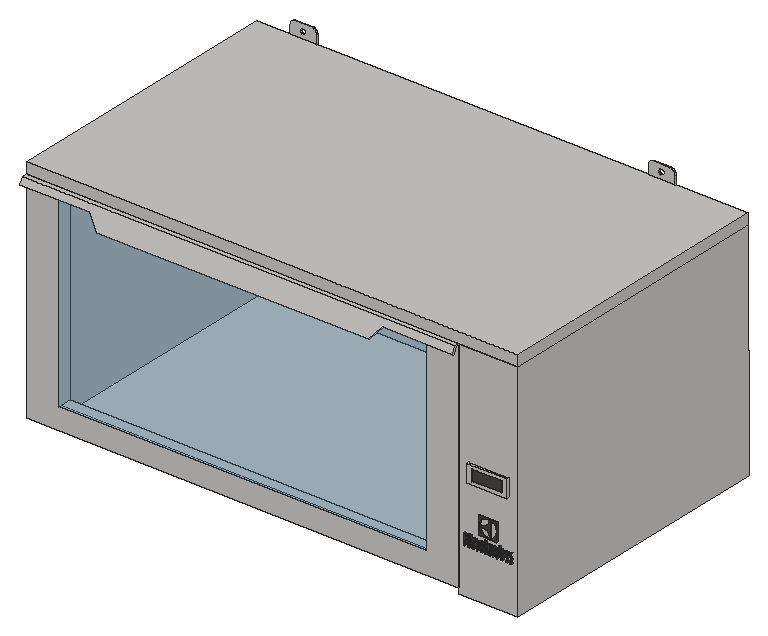
Revit family "QF_ELECTROLUXPROFESSIONAL_240027_SAFEBOXPZ", category Specialty Equipment, Revit 2018
Family settings
  Round Connector Dimension = Use Diameter
  Part Type = Normal
  Work Plane-Based = No
  Always vertical = Yes
  Cut with Voids When Loaded = No
  Shared = No
  Room Calculation Point = No
Parameters
  Weight = 36.00 kg
  Watts = 0 W
  Volts = 0 V
  URL Manufacturer = ""
  URL = ""
  Steam Supply Size = 0 mm
  Steam Supply Minimum Pressure = 0.0 Pa
  Steam Supply Maximum Pressure = 0.0 Pa
  Steam Pounds per Hour = 0
  Refrigeration Suction Line Size = 0 mm
  Refrigeration Liquid Line Size = 0 mm
  Refrigerant Compressor Remote = yes
  Manufacturer = ""
  Phase = 0
  Model = ""
  Length Actual = 920.0 mm  # constant formula
  Item Number = ""
  Hot Water Size = 0 mm
  Height Actual = 450.0 mm  # constant formula
  HP = "0.8 HP"
  Gas Size = 0 mm
  Gas KW = 0
  Gas Input Pressure = 0 W
  Direct Waste Size = 0 mm
  Description = ""
  Depth Actual = 590.0 mm  # constant formula
  Cycle = 0 Hz
  Condensate Return Size = 0 mm
  Compressed Air Volume = 0.0 L/s
  Compressed Air Size = 0 mm
  Compressed Air Pressure = 0.0 Pa
  Cold Water Size = 0 mm
  Accessory = yes
Types (2, lengths in mm): name | Volts | URL Manufacturer | URL | Manufacturer | Phase | Model | Item Number | Description | Cycle
  (no name) | 0 V | "" | "" | "" | 0 | "" | "" | "" | 0 Hz
  Standard | 220 V | "http://professional.electrolux.com" | "http://professional.electrolux.com" | "Electrolux Professional" | 1 | "SAFEBOXPZ" | "240027" | "SAFEBOX HOLD WARMING CONTAINER WITH DROP-DOWN DOOR FOR FOOD PICK UP, TAKE AWAY AND DELIVERY" | 50 Hz
Reference planes
  plane 1 "Center (Front/Back)": y = 0
  plane 2: z = 0
  plane 3 "Center (Left/Right)": x = 0
  plane 4 "LEFT": x = -460
  plane 5 "RIGHT": x = 460
  plane 6 "BACK": y = 270
  plane 7 "FRONT": y = -270
  plane 8 "Base": z = 11
  plane 9 "TOP": z = 451
  plane 10: x = -430
  plane 11: y = 250
  plane 12: y = -220
  plane 13: x = 360
  plane 14 "MANIGLIA": through (4267.2, -280, 431) normal (0, 0.9272, -0.3746)
  plane 15: y = -655
Forms (mm)
  Extrusion 1, solid, material "QF_Finishes_Stainless Steel"
    sketch origin (0, 0, 11) x (0, 1, 0) y (-1, 0, 0)
      loop
        line (270, 460) -> (-245, 460) -> (-245, 425) -> (250, 425) -> (250, -350) -> (-270, -350) -> (-270, -460) -> (270, -460) -> (270, 460)
    from 0 to 420
  Extrusion 2, solid, material "QF_Finishes_Stainless Steel"
    sketch origin (0, 0, 451) x (0, 1, 0) y (-1, 0, 0)
      loop
        line (270, 460) -> (-270, 460) -> (-270, -460) -> (270, -460) -> (270, 460)
    from 0 to -20
  Extrusion 3, void
    sketch origin (0, -270, 0) x (-1, 0, 0) y (0, 0, 1)
      loop
        line (140.985, 386.837) -> (-115, 386.837) -> (-115, 166) -> (140.985, 166) -> (140.985, 386.837)
    from 520 to 540
  Extrusion 4, solid, material "QF_Finishes_Stainless Steel"
    sketch origin (460, 0, 0) x (0, 1, 0) y (0, 0, 1)
      loop
        line (250, 386.837) -> (250, 166) -> (320, 166) -> (320, 386.837) -> (250, 386.837)
    from -600.985 to -345
  Extrusion 5, solid, material "QF_Finishes_Stainless Steel"
    sketch origin (0, 270, 0) x (-1, 0, 0) y (0, 0, 1)
      loop
        line (260.985, 386.837) -> (-235, 386.837) -> (-235, 76) -> (260.985, 76) -> (260.985, 386.837)
    from 0 to -60
  Extrusion 6, solid, material "QF_Finishes_Stainless Steel"
    sketch origin (0, 0, 451) x (0, 1, 0) y (-1, 0, 0)
      loop
        line (270, 425) -> (-245, 425) -> (-245, -350) -> (270, -350) -> (270, 425)
    from -430 to -440
  Extrusion 7, solid, material "QF_Finishes_Stainless Steel"
    sketch origin (0, -270, 0) x (-1, 0, 0) y (0, 0, 1)
      loop
        line (-368.864, 238.032) -> (-443.864, 238.032) -> (-443.864, 206) -> (-368.864, 206) -> (-368.864, 238.032)
      loop
        line (-378.864, 233.032) -> (-433.864, 233.032) -> (-433.864, 211) -> (-378.864, 211) -> (-378.864, 233.032)
    from 0 to -5
  Extrusion 8, solid, material "QF_Finishes_Black"
    sketch origin (0, -270, 0) x (-1, 0, 0) y (0, 0, 1)
      loop
        line (-378.864, 233.032) -> (-433.864, 233.032) -> (-433.864, 211) -> (-378.864, 211) -> (-378.864, 233.032)
    from 0 to -5
  Extrusion 9, solid, material "QF_Finishes_Stainless Steel"
    sketch origin (0, 270, 0) x (-1, 0, 0) y (0, 0, 1)
      loop
        circle (-420, 40) r 10
    from 0 to 2
  Extrusion 10, solid, material "QF_Finishes_Rubber Black"
    sketch origin (0, 0, 0) x (1, 0, 0) y (0, 1, 0)
      loop
        circle (-430, 250) r 15
      loop
        circle (360, 250) r 15
      loop
        circle (-430, -220) r 15
      loop
        circle (360, -220) r 15
    from 0 to 7
  Extrusion 11, solid, material "QF_Finishes_Stainless Steel"
    sketch origin (0, 0, 0) x (1, 0, 0) y (0, 1, 0)
      loop
        circle (-430, 250) r 12.5
      loop
        circle (360, 250) r 12.5
      loop
        circle (-430, -220) r 12.5
      loop
        circle (360, -220) r 12.5
    from 11 to 7
  Extrusion 12, solid, material "QF_Finishes_Black"
    sketch origin (0, -270, 0) x (-1, 0, 0) y (0, 0, 1)
      loop
        line (-365.303, 106.172) -> (-369.867, 106.172) -> (-369.867, 103.843) -> (-365.283, 103.843) -> (-364.31, 103.912)
        spline (-364.31, 103.912) -> (-363.72, 104.027) -> (-363.188, 104.196) -> (-362.713, 104.417) -> (-362.293, 104.688) -> (-361.928, 105.008) -> (-361.615, 105.374) -> (-361.354, 105.784) -> (-361.143, 106.237) -> (-360.981, 106.73) -> (-360.867, 107.261) -> (-360.8, 107.829) -> (-360.778, 108.432)
        line (-360.778, 108.432) -> (-360.778, 118.232) -> (-369.694, 118.232) -> (-369.694, 115.901) -> (-363.255, 115.901) -> (-363.255, 112.497) -> (-369.309, 112.497) -> (-369.309, 110.16) -> (-363.256, 110.16) -> (-363.256, 108.326)
        spline (-363.256, 108.326) -> (-363.281, 107.913) -> (-363.353, 107.553) -> (-363.465, 107.245) -> (-363.612, 106.983) -> (-363.787, 106.765) -> (-363.984, 106.587) -> (-364.198, 106.446) -> (-364.423, 106.338) -> (-364.651, 106.26) -> (-364.878, 106.209) -> (-365.097, 106.18) -> (-365.303, 106.172)
      loop
        line (-371.627, 111.433) -> (-371.627, 118.236) -> (-374.105, 118.236) -> (-374.105, 103.839) -> (-371.627, 103.839) -> (-371.627, 111.433)
      loop
        line (-386.378, 109.309) -> (-386.336, 108.438) -> (-378.204, 108.438)
        spline (-378.204, 108.438) -> (-378.248, 108.035) -> (-378.338, 107.658) -> (-378.472, 107.309) -> (-378.648, 106.99) -> (-378.864, 106.701) -> (-379.119, 106.446) -> (-379.411, 106.225) -> (-379.737, 106.04) -> (-380.097, 105.893) -> (-380.488, 105.786) -> (-380.909, 105.721) -> (-381.357, 105.699)
        spline (-381.357, 105.699) -> (-381.663, 105.707) -> (-381.951, 105.733) -> (-382.221, 105.776) -> (-382.476, 105.836) -> (-382.717, 105.912) -> (-382.947, 106.005) -> (-383.167, 106.114) -> (-383.378, 106.24) -> (-383.583, 106.382) -> (-383.784, 106.539) -> (-383.982, 106.713) -> (-384.179, 106.902)
        line (-384.179, 106.902) -> (-385.672, 105.45)
        spline (-385.672, 105.45) -> (-385.333, 105.112) -> (-384.988, 104.814) -> (-384.638, 104.554) -> (-384.283, 104.329) -> (-383.923, 104.138) -> (-383.559, 103.979) -> (-383.19, 103.85) -> (-382.816, 103.748) -> (-382.437, 103.673) -> (-382.054, 103.621) -> (-381.666, 103.592) -> (-381.274, 103.583)
        spline (-381.274, 103.583) -> (-380.471, 103.626) -> (-379.714, 103.756) -> (-379.009, 103.967) -> (-378.359, 104.258) -> (-377.77, 104.624) -> (-377.245, 105.062) -> (-376.789, 105.568) -> (-376.406, 106.141) -> (-376.1, 106.775) -> (-375.877, 107.468) -> (-375.739, 108.217) -> (-375.693, 109.018)
        spline (-375.693, 109.018) -> (-375.741, 109.838) -> (-375.882, 110.605) -> (-376.111, 111.315) -> (-376.422, 111.965) -> (-376.81, 112.55) -> (-377.268, 113.068) -> (-377.793, 113.516) -> (-378.378, 113.889) -> (-379.018, 114.186) -> (-379.707, 114.402) -> (-380.44, 114.534) -> (-381.212, 114.579)
        spline (-381.212, 114.579) -> (-381.967, 114.531) -> (-382.675, 114.391) -> (-383.332, 114.167) -> (-383.934, 113.862) -> (-384.479, 113.485) -> (-384.962, 113.041) -> (-385.38, 112.535) -> (-385.73, 111.975) -> (-386.008, 111.366) -> (-386.211, 110.715) -> (-386.336, 110.027) -> (-386.378, 109.309)
      loop
        line (-383.847, 110.18) -> (-378.266, 110.18)
        spline (-378.266, 110.18) -> (-378.316, 110.491) -> (-378.412, 110.789) -> (-378.551, 111.071) -> (-378.73, 111.334) -> (-378.945, 111.577) -> (-379.194, 111.796) -> (-379.473, 111.988) -> (-379.78, 112.152) -> (-380.11, 112.284) -> (-380.461, 112.381) -> (-380.829, 112.442) -> (-381.212, 112.462)
        spline (-381.212, 112.462) -> (-381.569, 112.441) -> (-381.911, 112.38) -> (-382.236, 112.281) -> (-382.54, 112.147) -> (-382.821, 111.982) -> (-383.074, 111.788) -> (-383.297, 111.568) -> (-383.486, 111.325) -> (-383.639, 111.062) -> (-383.752, 110.781) -> (-383.823, 110.487) -> (-383.847, 110.18)
      loop
        spline (-390.126, 109.081) -> (-390.155, 108.619) -> (-390.238, 108.182) -> (-390.372, 107.772) -> (-390.554, 107.392) -> (-390.781, 107.044) -> (-391.05, 106.734) -> (-391.356, 106.462) -> (-391.697, 106.233) -> (-392.069, 106.049) -> (-392.47, 105.914) -> (-392.895, 105.831) -> (-393.342, 105.803)
        spline (-393.342, 105.803) -> (-393.616, 105.811) -> (-393.879, 105.837) -> (-394.131, 105.879) -> (-394.372, 105.937) -> (-394.603, 106.011) -> (-394.826, 106.101) -> (-395.039, 106.206) -> (-395.245, 106.325) -> (-395.443, 106.459) -> (-395.634, 106.607) -> (-395.819, 106.769) -> (-395.998, 106.944)
        line (-395.998, 106.944) -> (-397.533, 105.346)
        spline (-397.533, 105.346) -> (-397.228, 105.04) -> (-396.913, 104.766) -> (-396.589, 104.521) -> (-396.258, 104.306) -> (-395.918, 104.12) -> (-395.57, 103.961) -> (-395.215, 103.829) -> (-394.853, 103.723) -> (-394.484, 103.642) -> (-394.109, 103.585) -> (-393.729, 103.552) -> (-393.342, 103.541)
        spline (-393.342, 103.541) -> (-392.568, 103.589) -> (-391.826, 103.729) -> (-391.124, 103.957) -> (-390.467, 104.267) -> (-389.863, 104.654) -> (-389.317, 105.113) -> (-388.838, 105.638) -> (-388.431, 106.224) -> (-388.102, 106.867) -> (-387.86, 107.561) -> (-387.709, 108.3) -> (-387.658, 109.081)
        spline (-387.658, 109.081) -> (-387.709, 109.861) -> (-387.86, 110.6) -> (-388.102, 111.294) -> (-388.431, 111.937) -> (-388.838, 112.523) -> (-389.317, 113.049) -> (-389.863, 113.507) -> (-390.467, 113.894) -> (-391.124, 114.204) -> (-391.826, 114.432) -> (-392.568, 114.572) -> (-393.342, 114.62)
        spline (-393.342, 114.62) -> (-393.729, 114.609) -> (-394.109, 114.576) -> (-394.484, 114.519) -> (-394.853, 114.438) -> (-395.215, 114.332) -> (-395.57, 114.2) -> (-395.918, 114.041) -> (-396.258, 113.855) -> (-396.589, 113.64) -> (-396.913, 113.395) -> (-397.228, 113.121) -> (-397.533, 112.815)
        line (-397.533, 112.815) -> (-395.998, 111.217)
        spline (-395.998, 111.217) -> (-395.819, 111.392) -> (-395.634, 111.554) -> (-395.443, 111.702) -> (-395.245, 111.836) -> (-395.039, 111.956) -> (-394.826, 112.06) -> (-394.603, 112.15) -> (-394.372, 112.224) -> (-394.131, 112.282) -> (-393.879, 112.324) -> (-393.616, 112.35) -> (-393.342, 112.359)
        spline (-393.342, 112.359) -> (-392.895, 112.33) -> (-392.47, 112.247) -> (-392.069, 112.112) -> (-391.697, 111.928) -> (-391.356, 111.699) -> (-391.05, 111.427) -> (-390.781, 111.117) -> (-390.554, 110.769) -> (-390.372, 110.389) -> (-390.238, 109.979) -> (-390.155, 109.542) -> (-390.126, 109.081)
      loop
        line (-403.852, 106.168) -> (-403.843, 103.839) -> (-402.797, 103.887)
        spline (-402.797, 103.887) -> (-402.209, 103.986) -> (-401.675, 104.138) -> (-401.195, 104.342) -> (-400.766, 104.596) -> (-400.389, 104.897) -> (-400.061, 105.244) -> (-399.782, 105.635) -> (-399.55, 106.068) -> (-399.365, 106.542) -> (-399.225, 107.053) -> (-399.129, 107.602) -> (-399.076, 108.185)
        line (-399.076, 108.185) -> (-399.076, 118.236) -> (-401.555, 118.236) -> (-401.555, 114.25) -> (-403.806, 114.25) -> (-403.806, 111.998) -> (-401.551, 111.998) -> (-401.551, 108.326)
        spline (-401.551, 108.326) -> (-401.603, 107.889) -> (-401.701, 107.513) -> (-401.839, 107.193) -> (-402.01, 106.924) -> (-402.209, 106.704) -> (-402.429, 106.527) -> (-402.664, 106.391) -> (-402.909, 106.29) -> (-403.156, 106.222) -> (-403.399, 106.181) -> (-403.634, 106.165) -> (-403.852, 106.168)
      loop
        line (-412.191, 114.394) -> (-412.191, 111.998) -> (-411.158, 112.101)
        spline (-411.158, 112.101) -> (-410.743, 112.079) -> (-410.355, 112.014) -> (-409.996, 111.907) -> (-409.668, 111.759) -> (-409.372, 111.573) -> (-409.111, 111.35) -> (-408.885, 111.091) -> (-408.697, 110.798) -> (-408.547, 110.472) -> (-408.438, 110.115) -> (-408.372, 109.728) -> (-408.349, 109.313)
        line (-408.349, 109.313) -> (-408.349, 103.839) -> (-405.891, 103.839) -> (-405.891, 114.249) -> (-408.349, 114.249) -> (-408.349, 112.701)
        spline (-408.349, 112.701) -> (-408.54, 112.99) -> (-408.758, 113.255) -> (-409.003, 113.497) -> (-409.272, 113.712) -> (-409.565, 113.902) -> (-409.881, 114.063) -> (-410.218, 114.196) -> (-410.576, 114.3) -> (-410.954, 114.372) -> (-411.349, 114.413) -> (-411.762, 114.421) -> (-412.191, 114.394)
      loop
        spline (-423.931, 109.044) -> (-423.879, 108.281) -> (-423.728, 107.553) -> (-423.485, 106.867) -> (-423.156, 106.229) -> (-422.748, 105.644) -> (-422.268, 105.118) -> (-421.723, 104.657) -> (-421.119, 104.266) -> (-420.463, 103.953) -> (-419.762, 103.721) -> (-419.022, 103.578) -> (-418.251, 103.529)
        spline (-418.251, 103.529) -> (-417.475, 103.578) -> (-416.733, 103.721) -> (-416.03, 103.953) -> (-415.374, 104.266) -> (-414.77, 104.657) -> (-414.225, 105.118) -> (-413.747, 105.644) -> (-413.341, 106.229) -> (-413.013, 106.867) -> (-412.772, 107.553) -> (-412.622, 108.281) -> (-412.57, 109.044)
        spline (-412.57, 109.044) -> (-412.622, 109.808) -> (-412.772, 110.536) -> (-413.013, 111.222) -> (-413.341, 111.86) -> (-413.747, 112.445) -> (-414.225, 112.971) -> (-414.77, 113.432) -> (-415.374, 113.822) -> (-416.03, 114.136) -> (-416.733, 114.367) -> (-417.475, 114.51) -> (-418.251, 114.559)
        spline (-418.251, 114.559) -> (-419.022, 114.51) -> (-419.762, 114.367) -> (-420.463, 114.136) -> (-421.119, 113.822) -> (-421.723, 113.432) -> (-422.268, 112.971) -> (-422.748, 112.445) -> (-423.156, 111.86) -> (-423.485, 111.222) -> (-423.728, 110.536) -> (-423.879, 109.808) -> (-423.931, 109.044)
      loop
        spline (-421.473, 109.044) -> (-421.444, 108.594) -> (-421.36, 108.164) -> (-421.225, 107.759) -> (-421.041, 107.381) -> (-420.813, 107.035) -> (-420.543, 106.723) -> (-420.236, 106.45) -> (-419.894, 106.218) -> (-419.521, 106.032) -> (-419.121, 105.895) -> (-418.696, 105.81) -> (-418.251, 105.78)
        spline (-418.251, 105.78) -> (-417.801, 105.81) -> (-417.374, 105.895) -> (-416.972, 106.032) -> (-416.599, 106.218) -> (-416.257, 106.45) -> (-415.951, 106.723) -> (-415.683, 107.035) -> (-415.456, 107.381) -> (-415.274, 107.759) -> (-415.14, 108.164) -> (-415.058, 108.594) -> (-415.029, 109.044)
        spline (-415.029, 109.044) -> (-415.058, 109.495) -> (-415.14, 109.924) -> (-415.274, 110.33) -> (-415.456, 110.708) -> (-415.683, 111.054) -> (-415.951, 111.366) -> (-416.257, 111.639) -> (-416.599, 111.87) -> (-416.972, 112.056) -> (-417.374, 112.194) -> (-417.801, 112.279) -> (-418.251, 112.308)
        spline (-418.251, 112.308) -> (-418.696, 112.279) -> (-419.121, 112.194) -> (-419.521, 112.056) -> (-419.894, 111.87) -> (-420.236, 111.639) -> (-420.543, 111.366) -> (-420.813, 111.054) -> (-421.041, 110.708) -> (-421.225, 110.33) -> (-421.36, 109.924) -> (-421.444, 109.495) -> (-421.473, 109.044)
      loop
        line (-425.455, 111.681) -> (-425.455, 118.236) -> (-427.935, 118.236) -> (-427.935, 103.839) -> (-425.455, 103.839) -> (-425.455, 111.681)
      loop
        line (-436.874, 114.249) -> (-439.372, 114.249) -> (-439.372, 108.032)
        spline (-439.372, 108.032) -> (-439.327, 107.311) -> (-439.198, 106.654) -> (-438.989, 106.062) -> (-438.708, 105.535) -> (-438.361, 105.071) -> (-437.952, 104.67) -> (-437.49, 104.332) -> (-436.98, 104.057) -> (-436.428, 103.843) -> (-435.84, 103.691) -> (-435.222, 103.601) -> (-434.581, 103.57)
        spline (-434.581, 103.57) -> (-433.945, 103.6) -> (-433.332, 103.69) -> (-432.749, 103.839) -> (-432.202, 104.05) -> (-431.696, 104.322) -> (-431.237, 104.655) -> (-430.833, 105.05) -> (-430.488, 105.507) -> (-430.209, 106.028) -> (-430.003, 106.611) -> (-429.874, 107.259) -> (-429.83, 107.97)
        line (-429.83, 107.97) -> (-429.83, 114.249) -> (-432.33, 114.249) -> (-432.33, 108.176)
        spline (-432.33, 108.176) -> (-432.349, 107.788) -> (-432.407, 107.437) -> (-432.502, 107.124) -> (-432.629, 106.847) -> (-432.789, 106.605) -> (-432.977, 106.398) -> (-433.193, 106.225) -> (-433.434, 106.085) -> (-433.697, 105.978) -> (-433.981, 105.902) -> (-434.283, 105.857) -> (-434.601, 105.843)
        spline (-434.601, 105.843) -> (-434.919, 105.857) -> (-435.222, 105.902) -> (-435.506, 105.978) -> (-435.769, 106.086) -> (-436.01, 106.227) -> (-436.226, 106.401) -> (-436.414, 106.609) -> (-436.574, 106.853) -> (-436.702, 107.133) -> (-436.796, 107.45) -> (-436.854, 107.804) -> (-436.874, 108.198)
        line (-436.874, 108.198) -> (-436.874, 114.249)
      loop
        line (-448.75, 107.168) -> (-451.132, 103.839) -> (-448.467, 103.839) -> (-445.823, 107.516) -> (-443.179, 103.839) -> (-440.515, 103.839) -> (-442.307, 106.335) -> (-444.46, 109.334) -> (-442.406, 112.143) -> (-440.866, 114.249) -> (-443.551, 114.249) -> (-445.823, 111.13) -> (-448.075, 114.249) -> (-450.781, 114.249) -> (-449.123, 111.991) -> (-447.187, 109.354) -> (-448.75, 107.168)
      loop
        arc (-362.172, 101.574) -> (-363.817, 99.929) -> (-362.172, 98.284) r 1.645
        line (-362.172, 98.284) -> (-361.277, 98.284) -> (-361.277, 96.598) -> (-360.254, 96.598) -> (-360.254, 101.574) -> (-362.172, 101.574)
      loop
        arc (-362.13, 100.634) -> (-362.835, 99.929) -> (-362.13, 99.225) r 0.704
        line (-362.13, 99.225) -> (-361.277, 99.225) -> (-361.277, 100.634) -> (-362.13, 100.634)
      loop
        arc (-369.98, 101.574) -> (-371.128, 101.107) -> (-371.622, 99.97) r 1.643
        arc (-371.622, 99.97) -> (-371.405, 99.145) -> (-370.78, 98.564) r 1.536
        line (-370.78, 98.564) -> (-371.975, 96.598) -> (-370.813, 96.598) -> (-369.832, 98.23) -> (-369.051, 98.312) -> (-369.051, 96.598) -> (-368.028, 96.598) -> (-368.028, 101.574) -> (-369.98, 101.574)
      loop
        line (-369.891, 99.245) -> (-369.051, 99.245) -> (-369.051, 100.634) -> (-369.959, 100.634)
        arc (-369.959, 100.634) -> (-370.586, 99.907) -> (-369.891, 99.245) r 0.696
      loop
        circle (-378.328, 99.086) r 2.585
      loop
        circle (-378.328, 99.086) r 1.64
      loop
        line (-385.193, 101.574) -> (-388.269, 101.574) -> (-388.269, 100.634) -> (-386.217, 100.634) -> (-386.217, 99.584) -> (-388.089, 99.584) -> (-388.089, 98.644) -> (-386.217, 98.644) -> (-386.217, 96.598) -> (-385.193, 96.598) -> (-385.193, 101.574)
      loop
        line (-392.491, 101.574) -> (-395.642, 101.574) -> (-395.642, 100.634) -> (-393.514, 100.634) -> (-393.514, 99.769) -> (-395.504, 99.769) -> (-395.504, 98.987) -> (-393.514, 98.987) -> (-393.514, 98.16)
        arc (-393.514, 98.16) -> (-393.741, 97.612) -> (-394.289, 97.385) r 0.775
        line (-394.289, 97.385) -> (-395.691, 97.385) -> (-395.691, 96.598) -> (-394.083, 96.598)
        arc (-394.083, 96.598) -> (-392.95, 97.072) -> (-392.491, 98.212) r 1.593
        line (-392.491, 98.212) -> (-392.491, 101.574)
      loop
        arc (-402.384, 100.269) -> (-401.963, 100.602) -> (-401.439, 100.718) r 1.197
        arc (-401.439, 100.718) -> (-400.968, 100.342) -> (-401.294, 99.834) r 0.45
        arc (-401.294, 99.834) -> (-401.859, 99.623) -> (-402.409, 99.377) r 9.883
        arc (-402.409, 99.377) -> (-402.845, 99.093) -> (-403.185, 98.7) r 1.876
        arc (-403.185, 98.7) -> (-403.343, 97.847) -> (-403.037, 97.035) r 1.618
        arc (-403.037, 97.035) -> (-402.346, 96.668) -> (-401.579, 96.515) r 2.696
        arc (-401.579, 96.515) -> (-400.959, 96.578) -> (-400.385, 96.823) r 2.063
        arc (-400.385, 96.823) -> (-399.932, 97.214) -> (-399.622, 97.725) r 1.914
        line (-399.622, 97.725) -> (-400.404, 98.216)
        arc (-400.404, 98.216) -> (-400.668, 97.808) -> (-401.089, 97.567) r 1.033
        arc (-401.089, 97.567) -> (-401.662, 97.452) -> (-402.203, 97.672) r 1.016
        arc (-402.203, 97.672) -> (-402.359, 98.025) -> (-402.162, 98.356) r 0.42
        arc (-402.162, 98.356) -> (-401.656, 98.632) -> (-401.122, 98.849) r 5.041
        arc (-401.122, 98.849) -> (-400.544, 99.153) -> (-400.1, 99.632) r 1.928
        arc (-400.1, 99.632) -> (-399.987, 100.071) -> (-399.976, 100.524) r 1.985
        arc (-399.976, 100.524) -> (-400.091, 100.911) -> (-400.349, 101.222) r 1.013
        arc (-400.349, 101.222) -> (-400.896, 101.533) -> (-401.512, 101.657) r 1.974
        arc (-401.512, 101.657) -> (-402.438, 101.438) -> (-403.12, 100.774) r 1.782
        line (-403.12, 100.774) -> (-402.384, 100.269)
      loop
        arc (-409.903, 100.269) -> (-409.482, 100.602) -> (-408.958, 100.718) r 1.197
        arc (-408.958, 100.718) -> (-408.486, 100.342) -> (-408.812, 99.834) r 0.45
        arc (-408.812, 99.834) -> (-409.377, 99.623) -> (-409.928, 99.377) r 9.883
        arc (-409.928, 99.377) -> (-410.363, 99.093) -> (-410.703, 98.7) r 1.876
        arc (-410.703, 98.7) -> (-410.861, 97.847) -> (-410.556, 97.035) r 1.618
        arc (-410.556, 97.035) -> (-409.865, 96.668) -> (-409.097, 96.515) r 2.696
        arc (-409.097, 96.515) -> (-408.477, 96.578) -> (-407.903, 96.823) r 2.063
        arc (-407.903, 96.823) -> (-407.451, 97.214) -> (-407.141, 97.725) r 1.914
        line (-407.141, 97.725) -> (-407.922, 98.216)
        arc (-407.922, 98.216) -> (-408.186, 97.808) -> (-408.607, 97.567) r 1.033
        arc (-408.607, 97.567) -> (-409.18, 97.452) -> (-409.721, 97.672) r 1.016
        arc (-409.721, 97.672) -> (-409.877, 98.025) -> (-409.68, 98.356) r 0.42
        arc (-409.68, 98.356) -> (-409.174, 98.632) -> (-408.64, 98.849) r 5.041
        arc (-408.64, 98.849) -> (-408.062, 99.153) -> (-407.619, 99.632) r 1.928
        arc (-407.619, 99.632) -> (-407.505, 100.071) -> (-407.494, 100.524) r 1.985
        arc (-407.494, 100.524) -> (-407.61, 100.911) -> (-407.868, 101.222) r 1.013
        arc (-407.868, 101.222) -> (-408.414, 101.533) -> (-409.03, 101.657) r 1.974
        arc (-409.03, 101.657) -> (-409.956, 101.438) -> (-410.638, 100.774) r 1.782
        line (-410.638, 100.774) -> (-409.903, 100.269)
      loop
        line (-415.094, 101.574) -> (-416.118, 101.574) -> (-416.118, 96.598) -> (-415.094, 96.598) -> (-415.094, 101.574)
      loop
        circle (-423.017, 99.086) r 1.548
      loop
        circle (-423.017, 99.086) r 2.585
      loop
        line (-429.882, 96.598) -> (-429.882, 101.574) -> (-430.878, 101.574) -> (-433.154, 98.351) -> (-433.154, 101.574) -> (-434.188, 101.574) -> (-434.188, 96.598) -> (-433.193, 96.598) -> (-430.916, 99.727) -> (-430.916, 96.598) -> (-429.882, 96.598)
      loop
        line (-439.347, 96.598) -> (-438.249, 96.598) -> (-440.753, 101.574) -> (-443.258, 96.598) -> (-442.158, 96.598) -> (-441.673, 97.671) -> (-439.832, 97.671) -> (-439.347, 96.598)
      loop
        line (-440.753, 99.714) -> (-441.214, 98.692) -> (-440.291, 98.692) -> (-440.753, 99.714)
      loop
        line (-448.34, 97.539) -> (-450.254, 97.539) -> (-450.254, 96.598) -> (-447.317, 96.598) -> (-447.317, 101.574) -> (-448.34, 101.574) -> (-448.34, 97.539)
      loop
        line (-388.337, 123.178) -> (-388.337, 157.751) -> (-422.957, 157.751) -> (-422.957, 123.178) -> (-388.337, 123.178)
      loop
        arc (-410.269, 156.054) -> (-421.768, 140.5) -> (-410.269, 124.946) r 16.269
        line (-410.269, 124.946) -> (-410.269, 156.054)
      loop
        arc (-408.687, 153.801) -> (-403.858, 145.134) -> (-394.664, 141.402) r 14.944
        line (-394.664, 141.402) -> (-389.517, 141.402)
        arc (-389.517, 141.402) -> (-395.75, 153.113) -> (-408.687, 156.054) r 15.943
        line (-408.687, 156.054) -> (-408.687, 153.801)
      loop
        line (-389.517, 139.598) -> (-394.664, 139.598)
        arc (-394.664, 139.598) -> (-403.858, 135.866) -> (-408.687, 127.199) r 14.944
        line (-408.687, 127.199) -> (-408.687, 124.547)
        arc (-408.687, 124.547) -> (-395.74, 127.79) -> (-389.517, 139.598) r 16.36
    from 0 to -1.6
  Extrusion 13, solid, material "QF_Finishes_Stainless Steel"
    sketch origin (0, 270, 0) x (-1, 0, 0) y (0, 0, 1)
      loop
        line (398.117, 431) -> (398.117, 466)
        arc (398.117, 466) -> (395.188, 473.071) -> (388.117, 476) r 10
        line (388.117, 476) -> (358.117, 476)
        arc (358.117, 476) -> (351.046, 473.071) -> (348.117, 466) r 10
        line (348.117, 466) -> (348.117, 431) -> (398.117, 431)
      loop
        circle (373.117, 463.03) r 5
      loop
        line (-323.117, 431) -> (-273.117, 431) -> (-273.117, 466)
        arc (-273.117, 466) -> (-276.046, 473.071) -> (-283.117, 476) r 10
        line (-283.117, 476) -> (-313.117, 476)
        arc (-313.117, 476) -> (-320.188, 473.071) -> (-323.117, 466) r 10
        line (-323.117, 466) -> (-323.117, 431)
      loop
        circle (-298.117, 463.03) r 5
    from 1.641 to 0
  Extrusion 14, solid, material "QF_Finishes_Stainless Steel"
    sketch origin (0, -270, 0) x (-1, 0, 0) y (0, 0, 1)
      loop
        line (460, 431) -> (-350, 431) -> (-350, 21) -> (460, 21) -> (460, 431)
      loop
        line (400, 61) -> (400, 411) -> (-290, 411) -> (-290, 61) -> (400, 61)
    from 25 to 0
  Extrusion 15, solid, material "Glass"
    sketch origin (0, -270, 0) x (-1, 0, 0) y (0, 0, 1)
      loop
        line (400, 411) -> (-290, 411) -> (-290, 61) -> (400, 61) -> (400, 411)
    from 5 to 0
  Extrusion 16, solid, material "QF_Finishes_Stainless Steel"
    sketch origin (0, 0, 0) x (0, 1, 0) y (0, 0, 1)
      loop
        line (-270, 431) -> (-280, 431) -> (-294.122, 396.047) -> (-291.382, 394.94) -> (-278.042, 427.958) -> (-270, 427.958) -> (-270, 431)
    from 350 to -460
  Extrusion 17, void
    sketch origin (0, -390.406, 157.734) x (0, 0.374607, 0.927184) y (1, 0, 0)
      loop
        line (257.028, -460) -> (281.726, -460) -> (281.726, -329.655) -> (257.028, -310) -> (257.028, -460)
      loop
        line (257.028, 350) -> (257.028, 200) -> (281.726, 219.655) -> (281.726, 350) -> (257.028, 350)
    from 2.955 to 0
  Extrusion 18, solid, material "QF_Door-Drawer Clearances", detail levels coarse
    sketch origin (0, 0, 0) x (0, 1, 0) y (0, 0, 1)
      loop
        line (-270, 60.122) -> (-655, 60.122) -> (-655, 25.122) -> (-620.047, 11) -> (-618.94, 13.74) -> (-651.958, 27.08) -> (-651.958, 35.122) -> (-270, 35.122) -> (-270, 60.122)
    from 350 to -460
  Extrusion 19, solid, material "QF_Door-Drawer Clearances", detail levels coarse
    sketch origin (0, 0, 0) x (0, 1, 0) y (0, 0, 1)
      loop
        arc (-270, 431) -> (-534.358, 320.156) -> (-655, 60.122) r 396.675
        line (-655, 60.122) -> (-270, 60.122) -> (-270, 431)
    from -460 to 350
Cuts and joins
  Extrusion 3 cuts Extrusion 1
  Extrusion 17 cuts Extrusion 16
Lines and regions (mm)
  symbolic lines
    curve 1: line (-460, 270, 0) -> (460, 270, 0)
    curve 2: line (-460, -270, 0) -> (-460, 270, 0)
    curve 3: line (460, -270, 0) -> (-460, -270, 0)
    curve 4: line (460, 270, 0) -> (460, -270, 0)
    curve 5: line (115, 320, 0) -> (-140.985, 320, 0)
    curve 6: line (-140.985, 320, 0) -> (-140.985, 270, 0)
    curve 7: line (115, 270, 0) -> (115, 320, 0)
    curve 8: line (368.864, -275, 0) -> (368.864, -270, 0)
    curve 9: line (368.864, -275, 0) -> (443.864, -275, 0)
    curve 10: line (443.864, -275, 0) -> (443.864, -270, 0)
    curve 11: line (-398.117, 270, 0) -> (-398.117, 271.641, 0)
    curve 12: line (-398.117, 271.641, 0) -> (-348.117, 271.641, 0)
    curve 13: line (-348.117, 271.641, 0) -> (-348.117, 270, 0)
    curve 14: line (273.117, 270, 0) -> (273.117, 271.641, 0)
    curve 15: line (273.117, 271.641, 0) -> (323.117, 271.641, 0)
    curve 16: line (323.117, 271.641, 0) -> (323.117, 270, 0)
    curve 17: line (410, 272, 0) -> (430, 272, 0)
    curve 18: line (430, 272, 0) -> (430, 270, 0)
    curve 19: line (410, 272, 0) -> (410, 270, 0)
    curve 20: line (350, -280, 0) -> (-460, -280, 0)
    curve 21: line (-460, -284.87, 0) -> (-329.655, -284.87, 0)
    curve 22: line (-329.655, -284.87, 0) -> (-310, -294.122, 0)
    curve 23: line (-310, -294.122, 0) -> (200, -294.122, 0)
    curve 24: line (-460, -270, 0) -> (-460, -284.87, 0)
    curve 25: line (350, -284.87, 0) -> (350, -270, 0)
    curve 26: line (219.655, -284.87, 0) -> (350, -284.87, 0)
    curve 27: line (200, -294.122, 0) -> (219.655, -284.87, 0)
  symbolic lines, style "SpecialityEquipmentHiddenLines"
    curve 28: line (-460, -284.87, 0) -> (-460, -655, 0)
    curve 29: line (-460, -655, 0) -> (350, -655, 0)
    curve 30: line (350, -655, 0) -> (350, -284.87, 0)
Dimensions and locks
  plane 4 "LEFT" to plane 5 "RIGHT" = 920.0 mm
  equal spacing: plane 4 "LEFT", plane 3 "Center (Left/Right)", plane 5 "RIGHT"
  equal spacing: plane 6 "BACK", plane 1 "Center (Front/Back)", plane 7 "FRONT"
  plane 6 "BACK" to plane 7 "FRONT" = 540.0 mm  (x2)
  plane 8 "Base" to level = 11.0 mm
  plane 9 "TOP" to level = 451.0 mm
  plane 9 "TOP" to cut or joined group of Extrusion 1, Extrusion 3 = 64.163 mm
  level to cut or joined group of Extrusion 1, Extrusion 3 = 166.0 mm
  plane 4 "LEFT" to plane 10 = 30.0 mm
  plane 13 to plane 5 "RIGHT" = 100.0 mm
  plane 6 "BACK" to plane 11 = 20.0 mm
  plane 12 to plane 7 "FRONT" = 50.0 mm
  Extrusion 4 to Extrusion 2 = 590.0 mm
  Extrusion 4 to plane 15 = 975.0 mm
  aligned and locked: level to plane 2
Automatic sketch dimensions
  Extrusion 2 sketch curve to plane 4 "LEFT" = 0.0 mm
  Extrusion 2 sketch curve to plane 7 "FRONT" = 0.0 mm
  Extrusion 2 sketch curve to plane 6 "BACK" = 0.0 mm
  Extrusion 2 sketch curve to plane 5 "RIGHT" = 0.0 mm
  plane 3 "Center (Left/Right)" to Extrusion 3 sketch curve = 115.0 mm
  Extrusion 3 sketch curve to plane 3 "Center (Left/Right)" = 140.985 mm
  plane 8 "Base" to Extrusion 3 sketch curve = 155.0 mm
  Extrusion 3 sketch curve to plane 9 "TOP" = 64.163 mm
  Extrusion 4 sketch curve to plane 11 = 0.0 mm
  plane 6 "BACK" to Extrusion 4 sketch curve = 50.0 mm
  plane 8 "Base" to Extrusion 4 sketch curve = 155.0 mm
  Extrusion 4 sketch curve to plane 9 "TOP" = 64.163 mm
  Extrusion 5 sketch curve to plane 13 = 125.0 mm
  Extrusion 5 sketch curve to plane 9 "TOP" = 64.163 mm
  plane 10 to Extrusion 5 sketch curve = 169.015 mm
  plane 8 "Base" to Extrusion 5 sketch curve = 65.0 mm
  plane 7 "FRONT" to Extrusion 6 sketch curve = 25.0 mm
  Extrusion 6 sketch curve to plane 6 "BACK" = 0.0 mm
  Extrusion 6 sketch curve to plane 13 = 10.0 mm
  plane 10 to Extrusion 6 sketch curve = 5.0 mm
  Extrusion 7 sketch curve to plane 5 "RIGHT" = 16.136 mm
  Extrusion 7 sketch curve to Extrusion 7 sketch curve = 10.0 mm
  plane 13 to Extrusion 7 sketch curve = 18.864 mm
  plane 13 to Extrusion 7 sketch curve = 8.864 mm
  plane 8 "Base" to Extrusion 7 sketch curve = 195.0 mm
  Extrusion 7 sketch curve to Extrusion 7 sketch curve = 5.0 mm  (x2)
  Extrusion 7 sketch curve to Extrusion 7 sketch curve = 22.032 mm
  Extrusion 8 sketch curve to plane 5 "RIGHT" = 26.136 mm
  plane 13 to Extrusion 8 sketch curve = 18.864 mm
  plane 8 "Base" to Extrusion 8 sketch curve = 200.0 mm
  Extrusion 8 sketch curve to Extrusion 8 sketch curve = 22.032 mm
  Extrusion 9 sketch curve to plane 5 "RIGHT" = 40.0 mm
  plane 8 "Base" to Extrusion 9 sketch curve = 29.0 mm
  Extrusion 10 sketch curve to plane 10 = 0.0 mm  (x2)
  Extrusion 10 sketch curve to plane 12 = 0.0 mm  (x2)
  Extrusion 10 sketch curve to plane 13 = 0.0 mm  (x2)
  Extrusion 10 sketch curve to plane 11 = 0.0 mm  (x2)
  Extrusion 11 sketch curve to plane 10 = 0.0 mm  (x2)
  Extrusion 11 sketch curve to plane 12 = 0.0 mm  (x2)
  Extrusion 11 sketch curve to plane 13 = 0.0 mm  (x2)
  Extrusion 11 sketch curve to plane 11 = 0.0 mm  (x2)
  Extrusion 12 sketch curve to Extrusion 12 sketch curve = 0.0 mm  (x37)
  Extrusion 12 sketch curve to plane 5 "RIGHT" = 8.868 mm
  Extrusion 12 sketch curve to plane 5 "RIGHT" = 9.219 mm
  Extrusion 12 sketch curve to Extrusion 12 sketch curve = 0.877 mm
  Extrusion 12 sketch curve to Extrusion 12 sketch curve = 1.658 mm
  Extrusion 12 sketch curve to Extrusion 12 sketch curve = 2.381 mm
  Extrusion 12 sketch curve to Extrusion 12 sketch curve = 2.664 mm
  Extrusion 12 sketch curve to Extrusion 12 sketch curve = 1.914 mm
  Extrusion 12 sketch curve to Extrusion 12 sketch curve = 1.048 mm
  Extrusion 12 sketch curve to Extrusion 12 sketch curve = 1.023 mm  (x5)
  Extrusion 12 sketch curve to Extrusion 12 sketch curve = 1.563 mm
  Extrusion 12 sketch curve to Extrusion 12 sketch curve = 1.364 mm  (x2)
  Extrusion 12 sketch curve to Extrusion 12 sketch curve = 1.363 mm
  Extrusion 12 sketch curve to Extrusion 12 sketch curve = 2.272 mm  (x3)
  Extrusion 12 sketch curve to Extrusion 12 sketch curve = 4.059 mm
  Extrusion 12 sketch curve to Extrusion 12 sketch curve = 2.643 mm
  Extrusion 12 sketch curve to Extrusion 12 sketch curve = 1.145 mm
  Extrusion 12 sketch curve to Extrusion 12 sketch curve = 0.872 mm
  Extrusion 12 sketch curve to Extrusion 12 sketch curve = 1.1 mm
  Extrusion 12 sketch curve to Extrusion 12 sketch curve = 0.485 mm  (x2)
  Extrusion 12 sketch curve to Extrusion 12 sketch curve = 0.459 mm  (x4)
  Extrusion 12 sketch curve to Extrusion 12 sketch curve = 1.54 mm
  Extrusion 12 sketch curve to Extrusion 12 sketch curve = 0.461 mm
  Extrusion 12 sketch curve to Extrusion 12 sketch curve = 0.238 mm
  Extrusion 12 sketch curve to Extrusion 12 sketch curve = 0.922 mm
  Extrusion 12 sketch curve to Extrusion 12 sketch curve = 2.935 mm
  Extrusion 12 sketch curve to Extrusion 12 sketch curve = 1.099 mm
  Extrusion 12 sketch curve to Extrusion 12 sketch curve = 2.498 mm  (x2)
  Extrusion 12 sketch curve to Extrusion 12 sketch curve = 2.273 mm
  Extrusion 12 sketch curve to Extrusion 12 sketch curve = 0.02 mm
  Extrusion 12 sketch curve to Extrusion 12 sketch curve = 4.061 mm
  Extrusion 12 sketch curve to Extrusion 12 sketch curve = 0.995 mm  (x2)
  Extrusion 12 sketch curve to Extrusion 12 sketch curve = 0.039 mm  (x2)
  Extrusion 12 sketch curve to Extrusion 12 sketch curve = 2.277 mm
  Extrusion 12 sketch curve to Extrusion 12 sketch curve = 2.499 mm
  Extrusion 12 sketch curve to Extrusion 12 sketch curve = 1.948 mm
  Extrusion 12 sketch curve to Extrusion 12 sketch curve = 4.375 mm
  Extrusion 12 sketch curve to Extrusion 12 sketch curve = 1.524 mm
  Extrusion 12 sketch curve to Extrusion 12 sketch curve = 2.438 mm
  Extrusion 12 sketch curve to Extrusion 12 sketch curve = 2.458 mm  (x2)
  Extrusion 12 sketch curve to Extrusion 12 sketch curve = 3.221 mm  (x2)
  Extrusion 12 sketch curve to Extrusion 12 sketch curve = 2.133 mm
  Extrusion 12 sketch curve to Extrusion 12 sketch curve = 3.222 mm
  Extrusion 12 sketch curve to Extrusion 12 sketch curve = 2.459 mm
  Extrusion 12 sketch curve to Extrusion 12 sketch curve = 0.379 mm
  Extrusion 12 sketch curve to Extrusion 12 sketch curve = 1.033 mm
  Extrusion 12 sketch curve to Extrusion 12 sketch curve = 4.456 mm
  Extrusion 12 sketch curve to Extrusion 12 sketch curve = 12.687 mm
  Extrusion 12 sketch curve to Extrusion 12 sketch curve = 0.735 mm  (x2)
  Extrusion 12 sketch curve to Extrusion 12 sketch curve = 0.432 mm  (x2)
  Extrusion 12 sketch curve to Extrusion 12 sketch curve = 0.445 mm  (x2)
  Extrusion 12 sketch curve to Extrusion 12 sketch curve = 0.209 mm  (x2)
  Extrusion 12 sketch curve to Extrusion 12 sketch curve = 0.236 mm  (x2)
  Extrusion 12 sketch curve to Extrusion 12 sketch curve = 0.12 mm  (x2)
  Extrusion 12 sketch curve to Extrusion 12 sketch curve = 0.365 mm  (x2)
  Extrusion 12 sketch curve to Extrusion 12 sketch curve = 0.007 mm  (x2)
  Extrusion 12 sketch curve to Extrusion 12 sketch curve = 0.164 mm  (x4)
  Extrusion 12 sketch curve to Extrusion 12 sketch curve = 0.093 mm  (x2)
  Extrusion 12 sketch curve to Extrusion 12 sketch curve = 0.137 mm  (x2)
  Extrusion 12 sketch curve to Extrusion 12 sketch curve = 0.009 mm  (x5)
  Extrusion 12 sketch curve to Extrusion 12 sketch curve = 0.168 mm  (x2)
  Extrusion 12 sketch curve to Extrusion 12 sketch curve = 0.079 mm  (x2)
  Extrusion 12 sketch curve to Extrusion 12 sketch curve = 0.094 mm  (x2)
  Extrusion 12 sketch curve to Extrusion 12 sketch curve = 1.582 mm  (x2)
  Extrusion 12 sketch curve to Extrusion 12 sketch curve = 0.427 mm  (x2)
  Extrusion 12 sketch curve to Extrusion 12 sketch curve = 2.809 mm  (x2)
  Extrusion 12 sketch curve to Extrusion 12 sketch curve = 0.886 mm
  Extrusion 12 sketch curve to Extrusion 12 sketch curve = 0.99 mm  (x2)
  Extrusion 12 sketch curve to Extrusion 12 sketch curve = 0.782 mm  (x3)
  Extrusion 12 sketch curve to Extrusion 12 sketch curve = 0.126 mm  (x2)
  Extrusion 12 sketch curve to Extrusion 12 sketch curve = 2.844 mm
  Extrusion 12 sketch curve to Extrusion 12 sketch curve = 1.389 mm  (x2)
  Extrusion 12 sketch curve to Extrusion 12 sketch curve = 0.343 mm
  Extrusion 12 sketch curve to Extrusion 12 sketch curve = 0.068 mm
  Extrusion 12 sketch curve to Extrusion 12 sketch curve = 2.039 mm
  Extrusion 12 sketch curve to Extrusion 12 sketch curve = 2.048 mm
  Extrusion 12 sketch curve to Extrusion 12 sketch curve = 2.085 mm
  Extrusion 12 sketch curve to Extrusion 12 sketch curve = 0.724 mm
  Extrusion 12 sketch curve to Extrusion 12 sketch curve = 1.046 mm
  Extrusion 12 sketch curve to Extrusion 12 sketch curve = 2.251 mm  (x3)
  Extrusion 12 sketch curve to Extrusion 12 sketch curve = 0.003 mm
  Extrusion 12 sketch curve to Extrusion 12 sketch curve = 2.479 mm
  Extrusion 12 sketch curve to Extrusion 12 sketch curve = 1.543 mm
  Extrusion 12 sketch curve to Extrusion 12 sketch curve = 4.018 mm
  Extrusion 12 sketch curve to Extrusion 12 sketch curve = 1.535 mm  (x2)
  Extrusion 12 sketch curve to Extrusion 12 sketch curve = 3.932 mm
  Extrusion 12 sketch curve to Extrusion 12 sketch curve = 0.048 mm
  Extrusion 12 sketch curve to Extrusion 12 sketch curve = 0.138 mm
  Extrusion 12 sketch curve to Extrusion 12 sketch curve = 10.768 mm
  Extrusion 12 sketch curve to Extrusion 12 sketch curve = 1.215 mm
  Extrusion 12 sketch curve to Extrusion 12 sketch curve = 0.206 mm  (x2)
  Extrusion 12 sketch curve to Extrusion 12 sketch curve = 5.117 mm
  Extrusion 12 sketch curve to Extrusion 12 sketch curve = 14.728 mm
  Extrusion 12 sketch curve to Extrusion 12 sketch curve = 0.569 mm
  Extrusion 12 sketch curve to Extrusion 12 sketch curve = 2.656 mm
  Extrusion 12 sketch curve to Extrusion 12 sketch curve = 0.172 mm
  Extrusion 12 sketch curve to Extrusion 12 sketch curve = 3.216 mm
  Extrusion 12 sketch curve to Extrusion 12 sketch curve = 5.147 mm
  Extrusion 12 sketch curve to Extrusion 12 sketch curve = 5.622 mm
  Extrusion 12 sketch curve to Extrusion 12 sketch curve = 4.222 mm
  Extrusion 12 sketch curve to Extrusion 12 sketch curve = 0.18 mm
  Extrusion 12 sketch curve to Extrusion 12 sketch curve = 2.469 mm
  Extrusion 12 sketch curve to Extrusion 12 sketch curve = 1.28 mm
  Extrusion 12 sketch curve to Extrusion 12 sketch curve = 0.041 mm  (x2)
  Extrusion 12 sketch curve to Extrusion 12 sketch curve = 1.873 mm
  Extrusion 12 sketch curve to Extrusion 12 sketch curve = 0.664 mm
  Extrusion 12 sketch curve to Extrusion 12 sketch curve = 1.494 mm
  Extrusion 12 sketch curve to Extrusion 12 sketch curve = 2.531 mm
  Extrusion 12 sketch curve to Extrusion 12 sketch curve = 2.822 mm
  Extrusion 12 sketch curve to Extrusion 12 sketch curve = 0.083 mm
  Extrusion 12 sketch curve to Extrusion 12 sketch curve = 2.635 mm
  Extrusion 12 sketch curve to Extrusion 12 sketch curve = 2.946 mm  (x2)
  Extrusion 12 sketch curve to Extrusion 12 sketch curve = 0.062 mm
  Extrusion 12 sketch curve to Extrusion 12 sketch curve = 2.511 mm
  Extrusion 12 sketch curve to Extrusion 12 sketch curve = 7.106 mm
  Extrusion 12 sketch curve to Extrusion 12 sketch curve = 6.354 mm
  Extrusion 12 sketch curve to Extrusion 12 sketch curve = 2.478 mm
  Extrusion 12 sketch curve to Extrusion 12 sketch curve = 1.161 mm
  Extrusion 12 sketch curve to Extrusion 12 sketch curve = 0.033 mm
  Extrusion 12 sketch curve to Extrusion 12 sketch curve = 0.694 mm
  Extrusion 12 sketch curve to Extrusion 12 sketch curve = 0.106 mm  (x2)
  Extrusion 12 sketch curve to Extrusion 12 sketch curve = 0.021 mm  (x2)
  Extrusion 12 sketch curve to Extrusion 12 sketch curve = 0.09 mm
  Extrusion 12 sketch curve to Extrusion 12 sketch curve = 1.76 mm
  Extrusion 12 sketch curve to Extrusion 12 sketch curve = 0.948 mm
  Extrusion 12 sketch curve to Extrusion 12 sketch curve = 1.933 mm
  Extrusion 12 sketch curve to Extrusion 12 sketch curve = 2.318 mm
  Extrusion 12 sketch curve to Extrusion 12 sketch curve = 1.762 mm
  Extrusion 12 sketch curve to Extrusion 12 sketch curve = 0.908 mm
  Extrusion 12 sketch curve to Extrusion 12 sketch curve = 4.563 mm
  Extrusion 12 sketch curve to Extrusion 12 sketch curve = 0.973 mm
  plane 13 to Extrusion 12 sketch curve = 3.256 mm
  plane 13 to Extrusion 12 sketch curve = 3.255 mm
  plane 13 to Extrusion 12 sketch curve = 2.172 mm
  plane 13 to Extrusion 12 sketch curve = 1.277 mm
  Extrusion 12 sketch curve to Extrusion 12 sketch curve = 0.853 mm
  plane 13 to Extrusion 12 sketch curve = 0.778 mm
  plane 13 to Extrusion 12 sketch curve = 0.254 mm
  plane 8 "Base" to Extrusion 12 sketch curve = 79.479 mm
  Extrusion 12 sketch curve to Extrusion 12 sketch curve = 3.598 mm  (x2)
  Extrusion 12 sketch curve to Extrusion 12 sketch curve = 2.521 mm  (x3)
  Extrusion 12 sketch curve to Extrusion 12 sketch curve = 6.119 mm  (x2)
  Extrusion 12 sketch curve to Extrusion 12 sketch curve = 0.787 mm
  Extrusion 12 sketch curve to Extrusion 12 sketch curve = 0.941 mm  (x3)
  Extrusion 12 sketch curve to Extrusion 12 sketch curve = 1.073 mm
  Extrusion 12 sketch curve to Extrusion 12 sketch curve = 3.602 mm  (x2)
  Extrusion 12 sketch curve to Extrusion 12 sketch curve = 0.046 mm  (x2)
  Extrusion 12 sketch curve to Extrusion 12 sketch curve = 0.311 mm  (x2)
  Extrusion 12 sketch curve to Extrusion 12 sketch curve = 0.031 mm
  Extrusion 12 sketch curve to Extrusion 12 sketch curve = 0.491 mm  (x2)
  Extrusion 12 sketch curve to Extrusion 12 sketch curve = 1.632 mm
  Extrusion 12 sketch curve to Extrusion 12 sketch curve = 1.686 mm
  Extrusion 12 sketch curve to Extrusion 12 sketch curve = 0.082 mm
  Extrusion 12 sketch curve to Extrusion 12 sketch curve = 1.753 mm
  Extrusion 12 sketch curve to Extrusion 12 sketch curve = 0.014 mm  (x2)
  Extrusion 12 sketch curve to Extrusion 12 sketch curve = 0.109 mm  (x2)
  Extrusion 12 sketch curve to Extrusion 12 sketch curve = 0.334 mm
  Extrusion 12 sketch curve to Extrusion 12 sketch curve = 0.018 mm  (x2)
  Extrusion 12 sketch curve to Extrusion 12 sketch curve = 2.046 mm
  Extrusion 12 sketch curve to Extrusion 12 sketch curve = 1.021 mm  (x2)
  Extrusion 12 sketch curve to Extrusion 12 sketch curve = 0.827 mm
  Extrusion 12 sketch curve to Extrusion 12 sketch curve = 2.488 mm  (x2)
  Extrusion 12 sketch curve to Extrusion 12 sketch curve = 0.631 mm  (x2)
  Extrusion 12 sketch curve to Extrusion 12 sketch curve = 0.934 mm
  Extrusion 12 sketch curve to Extrusion 12 sketch curve = 0.313 mm  (x2)
  Extrusion 12 sketch curve to Extrusion 12 sketch curve = 0.94 mm  (x3)
  Extrusion 12 sketch curve to Extrusion 12 sketch curve = 0.163 mm  (x2)
  Extrusion 12 sketch curve to Extrusion 12 sketch curve = 1.376 mm
  Extrusion 12 sketch curve to Extrusion 12 sketch curve = 0.192 mm  (x2)
  Extrusion 12 sketch curve to Extrusion 12 sketch curve = 0.704 mm
  Extrusion 12 sketch curve to Extrusion 12 sketch curve = 0.686 mm
  Extrusion 12 sketch curve to Extrusion 12 sketch curve = 0.002 mm
  Extrusion 12 sketch curve to Extrusion 12 sketch curve = 0.393 mm  (x4)
  Extrusion 12 sketch curve to Extrusion 12 sketch curve = 0.077 mm  (x2)
  Extrusion 12 sketch curve to Extrusion 12 sketch curve = 0.865 mm
  Extrusion 12 sketch curve to Extrusion 12 sketch curve = 1.05 mm
  Extrusion 12 sketch curve to Extrusion 12 sketch curve = 0.337 mm  (x2)
  Extrusion 12 sketch curve to Extrusion 12 sketch curve = 0.505 mm  (x2)
  Extrusion 12 sketch curve to Extrusion 12 sketch curve = 1.86 mm
  Extrusion 12 sketch curve to Extrusion 12 sketch curve = 4.036 mm
  Extrusion 12 sketch curve to Extrusion 12 sketch curve = 3.224 mm
  Extrusion 12 sketch curve to Extrusion 12 sketch curve = 1.847 mm
  Extrusion 12 sketch curve to Extrusion 12 sketch curve = 0.801 mm
  Extrusion 12 sketch curve to Extrusion 12 sketch curve = 1.955 mm
  Extrusion 12 sketch curve to Extrusion 12 sketch curve = 1.967 mm
  Extrusion 12 sketch curve to Extrusion 12 sketch curve = 1.996 mm
  Extrusion 12 sketch curve to Extrusion 12 sketch curve = 2.008 mm
  Extrusion 12 sketch curve to Extrusion 12 sketch curve = 3.065 mm
  Extrusion 12 sketch curve to Extrusion 12 sketch curve = 2.265 mm  (x4)
  Extrusion 12 sketch curve to Extrusion 12 sketch curve = 0.004 mm  (x2)
  Extrusion 12 sketch curve to Extrusion 12 sketch curve = 0.047 mm
  Extrusion 12 sketch curve to Extrusion 12 sketch curve = 0.07 mm
  Extrusion 12 sketch curve to Extrusion 12 sketch curve = 3.772 mm
  Extrusion 12 sketch curve to Extrusion 12 sketch curve = 3.876 mm
  Extrusion 12 sketch curve to Extrusion 12 sketch curve = 2.116 mm  (x2)
  Extrusion 12 sketch curve to Extrusion 12 sketch curve = 2.262 mm  (x2)
  Extrusion 12 sketch curve to Extrusion 12 sketch curve = 2.329 mm  (x2)
  Extrusion 12 sketch curve to Extrusion 12 sketch curve = 2.496 mm
  Extrusion 12 sketch curve to Extrusion 12 sketch curve = 1.452 mm
  Extrusion 12 sketch curve to Extrusion 12 sketch curve = 1.598 mm  (x2)
  Extrusion 12 sketch curve to Extrusion 12 sketch curve = 3.329 mm
  Extrusion 12 sketch curve to Extrusion 12 sketch curve = 0.348 mm
  Extrusion 12 sketch curve to Extrusion 12 sketch curve = 4.131 mm
  Extrusion 12 sketch curve to Extrusion 12 sketch curve = 1.697 mm
  Extrusion 12 sketch curve to Extrusion 12 sketch curve = 2.839 mm
  Extrusion 12 sketch curve to Extrusion 12 sketch curve = 0.166 mm
  Extrusion 12 sketch curve to Extrusion 12 sketch curve = 0.141 mm
  Extrusion 12 sketch curve to Extrusion 12 sketch curve = 2.155 mm
  Extrusion 12 sketch curve to Extrusion 12 sketch curve = 2.739 mm
  Extrusion 12 sketch curve to Extrusion 12 sketch curve = 0.58 mm
  Extrusion 12 sketch curve to Extrusion 12 sketch curve = 3.264 mm  (x3)
  Extrusion 12 sketch curve to Extrusion 12 sketch curve = 0.643 mm
  Extrusion 12 sketch curve to Extrusion 12 sketch curve = 0.871 mm
  Extrusion 12 sketch curve to Extrusion 12 sketch curve = 0.269 mm
  Extrusion 12 sketch curve to Extrusion 12 sketch curve = 1.817 mm
  Extrusion 12 sketch curve to Extrusion 12 sketch curve = 1.838 mm
  Extrusion 12 sketch curve to Extrusion 12 sketch curve = 3.988 mm
  Extrusion 12 sketch curve to Extrusion 12 sketch curve = 1.743 mm
  Extrusion 12 sketch curve to Extrusion 12 sketch curve = 1.776 mm
  Extrusion 12 sketch curve to Extrusion 12 sketch curve = 4.274 mm
  Extrusion 12 sketch curve to Extrusion 12 sketch curve = 1.273 mm
  Extrusion 12 sketch curve to Extrusion 12 sketch curve = 2.637 mm  (x2)
  Extrusion 12 sketch curve to Extrusion 12 sketch curve = 2.954 mm
  Extrusion 12 sketch curve to Extrusion 12 sketch curve = 3.672 mm
  Extrusion 12 sketch curve to Extrusion 12 sketch curve = 0.103 mm
  Extrusion 12 sketch curve to Extrusion 12 sketch curve = 1.141 mm
  Extrusion 12 sketch curve to Extrusion 12 sketch curve = 2.282 mm
  Extrusion 12 sketch curve to Extrusion 12 sketch curve = 2.338 mm
  Extrusion 12 sketch curve to Extrusion 12 sketch curve = 0.6 mm
  Extrusion 12 sketch curve to Extrusion 12 sketch curve = 2.258 mm
  Extrusion 12 sketch curve to Extrusion 12 sketch curve = 2.106 mm
  Extrusion 12 sketch curve to Extrusion 12 sketch curve = 1.548 mm
  Extrusion 12 sketch curve to Extrusion 12 sketch curve = 6.073 mm
  Extrusion 12 sketch curve to Extrusion 12 sketch curve = 0.001 mm
  Extrusion 12 sketch curve to Extrusion 12 sketch curve = 2.396 mm
  Extrusion 12 sketch curve to Extrusion 12 sketch curve = 3.403 mm
  Extrusion 12 sketch curve to Extrusion 12 sketch curve = 2.331 mm
  Extrusion 12 sketch curve to Extrusion 12 sketch curve = 3.986 mm
  Extrusion 12 sketch curve to Extrusion 12 sketch curve = 3.987 mm
  Extrusion 12 sketch curve to Extrusion 12 sketch curve = 4.942 mm
  Extrusion 12 sketch curve to Extrusion 12 sketch curve = 6.311 mm
  Extrusion 12 sketch curve to Extrusion 12 sketch curve = 1.493 mm
  Extrusion 12 sketch curve to Extrusion 12 sketch curve = 0.4 mm
  Extrusion 12 sketch curve to Extrusion 12 sketch curve = 2.652 mm
  Extrusion 12 sketch curve to Extrusion 12 sketch curve = 0.211 mm
  Extrusion 12 sketch curve to Extrusion 12 sketch curve = 0.054 mm
  Extrusion 12 sketch curve to Extrusion 12 sketch curve = 1.804 mm
  Extrusion 12 sketch curve to Extrusion 12 sketch curve = 2.253 mm
  Extrusion 12 sketch curve to Extrusion 12 sketch curve = 1.698 mm
  Extrusion 12 sketch curve to Extrusion 12 sketch curve = 1.246 mm  (x2)
  Extrusion 12 sketch curve to Extrusion 12 sketch curve = 1.098 mm  (x2)
  Extrusion 12 sketch curve to Extrusion 12 sketch curve = 0.822 mm  (x2)
  Extrusion 12 sketch curve to Extrusion 12 sketch curve = 0.263 mm  (x2)
  Extrusion 12 sketch curve to Extrusion 12 sketch curve = 0.49 mm  (x2)
  Extrusion 12 sketch curve to Extrusion 12 sketch curve = 0.278 mm  (x2)
  Extrusion 12 sketch curve to Extrusion 12 sketch curve = 0.257 mm  (x2)
  Extrusion 12 sketch curve to Extrusion 12 sketch curve = 0.125 mm  (x2)
  plane 9 "TOP" to Extrusion 13 sketch curve = 15.0 mm  (x2)
  Extrusion 13 sketch curve to plane 13 = 36.883 mm
  Extrusion 13 sketch curve to Extrusion 13 sketch curve = 10.0 mm  (x3)
  Extrusion 13 sketch curve to Extrusion 13 sketch curve = 15.0 mm  (x4)
  Extrusion 13 sketch curve to plane 9 "TOP" = 20.0 mm  (x2)
  plane 10 to Extrusion 13 sketch curve = 81.883 mm
  plane 10 to Extrusion 13 sketch curve = 31.883 mm
  plane 9 "TOP" to Extrusion 13 sketch curve = 12.03 mm  (x2)
  Extrusion 1 sketch curve to plane 4 "LEFT" = 0.0 mm
  plane 7 "FRONT" to Extrusion 1 sketch curve = 25.0 mm
  Extrusion 1 sketch curve to plane 5 "RIGHT" = 0.0 mm
  plane 7 "FRONT" to Extrusion 1 sketch curve = 0.0 mm
  Extrusion 1 sketch curve to plane 11 = 0.0 mm
  Extrusion 1 sketch curve to plane 6 "BACK" = 0.0 mm
  Extrusion 1 sketch curve to plane 13 = 10.0 mm
  plane 10 to Extrusion 1 sketch curve = 5.0 mm
  Extrusion 14 sketch curve to plane 13 = 10.0 mm
  plane 8 "Base" to Extrusion 14 sketch curve = 10.0 mm
  Extrusion 14 sketch curve to plane 9 "TOP" = 20.0 mm
  plane 4 "LEFT" to Extrusion 14 sketch curve = 60.0 mm
  Extrusion 14 sketch curve to Extrusion 14 sketch curve = 60.0 mm
  Extrusion 14 sketch curve to Extrusion 14 sketch curve = 40.0 mm
  Extrusion 14 sketch curve to Extrusion 14 sketch curve = 20.0 mm
  Extrusion 14 sketch curve to plane 4 "LEFT" = 0.0 mm
  Extrusion 15 sketch curve to plane 13 = 70.0 mm
  plane 10 to Extrusion 15 sketch curve = 30.0 mm
  plane 8 "Base" to Extrusion 15 sketch curve = 50.0 mm
  Extrusion 15 sketch curve to plane 9 "TOP" = 40.0 mm
  Extrusion 16 sketch curve to plane 7 "FRONT" = 0.0 mm
  Extrusion 16 sketch curve to plane 7 "FRONT" = 10.0 mm
  Extrusion 16 sketch curve to plane 7 "FRONT" = 21.382 mm
  Extrusion 16 sketch curve to Extrusion 16 sketch curve = 2.74 mm
  Extrusion 16 sketch curve to plane 9 "TOP" = 56.06 mm
  Extrusion 16 sketch curve to Extrusion 16 sketch curve = 1.107 mm
  Extrusion 16 sketch curve to Extrusion 16 sketch curve = 1.958 mm
  Extrusion 17 sketch curve to Extrusion 17 sketch curve = 0.0 mm
  plane 10 to Extrusion 17 sketch curve = 100.345 mm
  Extrusion 17 sketch curve to plane 4 "LEFT" = 0.0 mm
  Extrusion 17 sketch curve to Extrusion 17 sketch curve = 24.698 mm  (x2)
  Extrusion 17 sketch curve to plane 13 = 140.345 mm
  Extrusion 17 sketch curve to Extrusion 17 sketch curve = 19.655 mm  (x2)
  Extrusion 17 sketch curve to plane 13 = 10.0 mm
  Extrusion 18 sketch curve to plane 15 = 0.0 mm
  plane 15 to Extrusion 18 sketch curve = 3.042 mm
  plane 15 to Extrusion 18 sketch curve = 34.953 mm
  level to Extrusion 18 sketch curve = 13.74 mm
  Extrusion 18 sketch curve to Extrusion 18 sketch curve = 1.107 mm
  plane 8 "Base" to Extrusion 18 sketch curve = 49.122 mm
  plane 7 "FRONT" to Extrusion 18 sketch curve = 0.0 mm
  Extrusion 18 sketch curve to Extrusion 18 sketch curve = 2.74 mm
  level to Extrusion 18 sketch curve = 35.122 mm
  Extrusion 19 sketch curve to plane 15 = 0.0 mm
  plane 7 "FRONT" to Extrusion 19 sketch curve = 10.845 mm
  plane 8 "Base" to Extrusion 19 sketch curve = 23.474 mm
  Extrusion 19 sketch curve to Extrusion 19 sketch curve = 25.648 mm
  plane 7 "FRONT" to Extrusion 19 sketch curve = 0.0 mm
  curve 1 to plane 4 "LEFT" = 0.0 mm
  curve 11 to plane 6 "BACK" = 0.0 mm
  curve 30 to plane 15 = 0.0 mm
  curve 25 to plane 7 "FRONT" = 0.0 mm
  curve 4 to plane 5 "RIGHT" = 0.0 mm
  plane 6 "BACK" to curve 12 = 1.641 mm
  plane 10 to curve 12 = 31.883 mm
  curve 11 to curve 13 = 50.0 mm
  curve 22 to plane 7 "FRONT" = 14.87 mm
  plane 10 to curve 22 = 100.345 mm
  curve 22 to plane 7 "FRONT" = 24.122 mm
  curve 21 to curve 22 = 19.655 mm
  plane 6 "BACK" to curve 5 = 50.0 mm
  curve 5 to plane 3 "Center (Left/Right)" = 140.985 mm
  plane 3 "Center (Left/Right)" to curve 7 = 115.0 mm
  curve 27 to plane 13 = 160.0 mm
  curve 23 to curve 26 = 19.655 mm
  plane 6 "BACK" to curve 14 = 1.641 mm
  curve 14 to plane 13 = 86.883 mm
  curve 16 to plane 13 = 36.883 mm
  plane 13 to curve 9 = 8.864 mm
  plane 6 "BACK" to curve 17 = 2.0 mm
  curve 17 to plane 5 "RIGHT" = 50.0 mm
  curve 17 to curve 18 = 20.0 mm
  curve 10 to plane 7 "FRONT" = 5.0 mm
  curve 10 to plane 5 "RIGHT" = 16.136 mm
  curve 26 to plane 7 "FRONT" = 14.87 mm
  curve 30 to plane 13 = 10.0 mm
  curve 21 to curve 20 = 4.87 mm
  radius of Extrusion 9 sketch curve = 10.0 mm
  radius of Extrusion 10 sketch curve = 15.0 mm  (x4)
  radius of Extrusion 11 sketch curve = 12.5 mm  (x4)
  radius of Extrusion 12 sketch curve = 2.585 mm  (x2)
  radius of Extrusion 12 sketch curve = 1.64 mm
  radius of Extrusion 12 sketch curve = 1.548 mm
  radius of Extrusion 13 sketch curve = 5.0 mm  (x2)
Connectors
  electrical at (420, 272, 40), driven by "Volts"
    settings: on Extrusion 9, index 1, voltage 0 V, apparent load 0 VA, apparent load phase1 0 VA, apparent load phase2 0 VA, apparent load phase3 0 VA, power factor 1, load classification "Other", number of poles 1, system type 30, power factor state 1, is connector primary yes, connector utility no, sub classification motor no, connector description "Electrical Connection"
